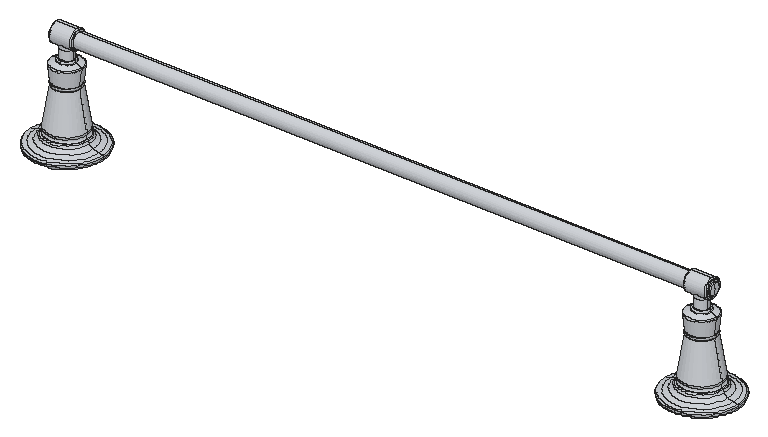
Revit family "Accessory-Towel_Bar-KOHLER-Archer-K-11051", category Specialty Equipment, host Face, Revit 2015
Parameters (values of type "CP-Polished Chrome")
  Width = 4 1/8"  # constant formula
  URL = "https://www.us.kohler.com/us/"
  Type = 1
  Product Page URL = "http://www.us.kohler.com/us/catalog/productDetails.jsp?productNumber=11051"
  Product Name = "Archer"  # constant formula
  Product Documentation Link = "http://www.us.kohler.com/onlinecatalog/pdf/K-11051_spec.pdf"
  Model = if(Type = 1, "K-11051-CP", if(Type = 2, "K-11051-BN", "NA"))  # "K-11051-CP"
  Material = "Premium Metal Construction"  # constant formula
  MasterFormat 2004 = "10.28.13"  # constant formula
  MasterFormat 1995 = "10820"  # constant formula
  Manufacturer Address = "444 Highland Dr, Kohler, WI 53044"  # constant formula
  Manufacturer = "KOHLER Co."  # constant formula
  Length = 24"  # constant formula
  Height = 2 3/4"  # constant formula
  Finish = Kohler-Metal-CP-Polished_Chrome
  Environmental Product Declaration = ""
  Description = "24inch towel bar "  # constant formula
  Default Elevation = 42"
  Declare Label = ""
  Date Modified = "11/15/2018"  # constant formula
  Date Created = "11/15/2018"  # constant formula
  Copyright = "Copyright KOHLER Co."  # constant formula
  Contact Us = "https://www.us.kohler.com/us/static/contact.jsp"
  Assembly Code = "C1030200"
  ADA Compliant = 1 = 0  # no
Types (3): name | Type | Model | Finish
  (no name) | 1 | "K-11051-CP" | Kohler-Metal-CP-Polished_Chrome
  CP-Polished Chrome | 1 | "K-11051-CP" | Kohler-Metal-CP-Polished_Chrome
  BN-Vibrant Brushed Nickel | 2 | "K-11051-BN" | Kohler-Metal-BN-Vibrant_Brushed_Nickel
Reference planes (in)
  plane 1 "Center (Front/Back)": y = 0
  plane 2: z = 0
  plane 3 "Center (Left/Right)": x = 0
  plane 4: x = -12
  plane 5: x = 12
  plane 6: y = 1.375
  plane 7: y = -1.375
  plane 8: z = 4.125
  plane 9: x = -13.375
  plane 10: x = 13.375
  plane 11: x = -10.625
  plane 12: x = 10.625
Dimensions and locks (in)
  "Length": plane 4 to plane 5
  plane 9 to plane 10 = 26 3/4"
  "Width": level to plane 8
  "Height": plane 6 to plane 7
  aligned and locked: plane 2 to host face
  aligned and locked: level to host face
Automatic sketch dimensions
  host sketch curve to host sketch curve = 96"  (x2)
Nested families (in)
  nested 1: "K-11051" at (0, 0, 0), type "K-11051"
Definition of nested family "K-11051"
  Parameters (values of type "K-11051")
    Material = none
  Reference planes (in)
    plane 1 "Center (Front/Back)": y = 0
    plane 2: z = 0
    plane 3 "Center (Left/Right)": x = 0
    plane 4: x = -13.375
    plane 5: x = 13.375
    plane 6: z = 4.125
    plane 7: x = -10.625
    plane 8: x = 10.625
    plane 9: x = -12
    plane 10: x = 12
    plane 11: y = 1.375
    plane 12: y = -1.375
  Forms (in)
    Revolve 1, solid, material <- "Material", detail levels medium+fine
      sketch origin (0, 0, 0) x (1, 0, 0) y (0, 0, 1)
        loop
          line (-12, 3.56748) -> (-12.28312, 3.56748)
          arc (-12.28312, 3.56748) -> (-12.25445, 3.48086) -> (-12.24475, 3.39015) r 0.42897
          line (-12.24475, 3.39015) -> (-12.24475, 3.02985)
          arc (-12.24475, 3.02985) -> (-12.23899, 3.01593) -> (-12.22506, 3.01016) r 0.01969
          line (-12.22506, 3.01016) -> (-12.28251, 3.01016)
          arc (-12.28251, 3.01016) -> (-12.30477, 2.99401) -> (-12.31305, 2.96779) r 0.0439
          arc (-12.31305, 2.96779) -> (-12.31788, 2.95091) -> (-12.33119, 2.93945) r 0.03061
          arc (-12.33119, 2.93945) -> (-12.44293, 2.89083) -> (-12.55553, 2.84426) r 6.69256
          arc (-12.55553, 2.84426) -> (-12.5703, 2.83143) -> (-12.57404, 2.81223) r 0.03002
          line (-12.57404, 2.81223) -> (-12.49503, 2.25034)
          arc (-12.49503, 2.25034) -> (-12.49733, 2.23286) -> (-12.5083, 2.21906) r 0.03298
          arc (-12.5083, 2.21906) -> (-12.52394, 2.18854) -> (-12.50855, 2.15789) r 0.03792
          arc (-12.50855, 2.15789) -> (-12.49851, 2.14489) -> (-12.49683, 2.12855) r 0.02999
          line (-12.49683, 2.12855) -> (-12.74553, 0.71744)
          arc (-12.74553, 0.71744) -> (-12.74589, 0.68266) -> (-12.73501, 0.64963) r 0.10638
          arc (-12.73501, 0.64963) -> (-12.72237, 0.58134) -> (-12.75042, 0.51782) r 0.11772
          arc (-12.75042, 0.51782) -> (-12.76439, 0.50722) -> (-12.78143, 0.50314) r 0.04269
          arc (-12.78143, 0.50314) -> (-12.80034, 0.49626) -> (-12.8114, 0.47946) r 0.03197
          arc (-12.8114, 0.47946) -> (-12.82574, 0.43818) -> (-12.84591, 0.39942) r 0.30098
          arc (-12.84591, 0.39942) -> (-12.9092, 0.32388) -> (-12.99144, 0.26957) r 0.34118
          arc (-12.99144, 0.26957) -> (-13.08925, 0.22947) -> (-13.19055, 0.19925) r 1.0665
          arc (-13.19055, 0.19925) -> (-13.26734, 0.17958) -> (-13.34371, 0.15831) r 3.79814
          arc (-13.34371, 0.15831) -> (-13.36557, 0.1437) -> (-13.375, 0.11916) r 0.04347
          line (-13.375, 0.11916) -> (-13.35185, 0.0189)
          arc (-13.35185, 0.0189) -> (-13.34327, 0.0053) -> (-13.32809, 0) r 0.02438
          line (-13.32809, 0) -> (-12, 0) -> (-12, 3.56748)
        axis (-12, 3.56748) -> (-12, 0)
      angle from 0 to 360
    Revolve 2, solid, material <- "Material", detail levels medium+fine
      sketch origin (0, 0, 0) x (1, 0, 0) y (0, 0, 1)
        loop
          line (-12.48856, 3.77226) -> (-11.55155, 3.77226) -> (-11.55155, 4.05162)
          arc (-11.55155, 4.05162) -> (-11.55221, 4.0669) -> (-11.55958, 4.0803) r 0.03354
          line (-11.55958, 4.0803) -> (-11.58724, 4.11102)
          arc (-11.58724, 4.11102) -> (-11.59865, 4.12129) -> (-11.61355, 4.125) r 0.03175
          line (-11.61355, 4.125) -> (-12.37645, 4.125)
          arc (-12.37645, 4.125) -> (-12.39191, 4.12088) -> (-12.40327, 4.1096) r 0.03104
          line (-12.40327, 4.1096) -> (-12.42685, 4.08387)
          arc (-12.42685, 4.08387) -> (-12.43493, 4.07088) -> (-12.43775, 4.05584) r 0.04148
          line (-12.43775, 4.05584) -> (-12.43775, 4.02489)
          arc (-12.43775, 4.02489) -> (-12.44339, 4.00816) -> (-12.458, 3.99826) r 0.02763
          arc (-12.458, 3.99826) -> (-12.47178, 3.98939) -> (-12.47811, 3.97427) r 0.0276
          arc (-12.47811, 3.97427) -> (-12.48551, 3.87338) -> (-12.48856, 3.77226) r 2.34833
        axis (-11.55155, 3.77226) -> (-12.48856, 3.77226)
      angle from 0 to 360
    Extrusion 3, solid, material <- "Material", detail levels medium+fine
      sketch origin (0, 0, 0) x (0, 1, 0) y (0, 0, 1)
        loop
          circle (0, 3.77226) r 0.27936
      from -11.55155 to 12
    Revolve 4, solid, material <- "Material", detail levels medium+fine
      sketch origin (0, 0, 0) x (-1, 0, 0) y (0, 0, -1)
        loop
          line (-12, -3.56748) -> (-12, 0) -> (-13.32809, 0)
          arc (-13.32809, 0) -> (-13.34327, -0.0053) -> (-13.35185, -0.0189) r 0.02438
          line (-13.35185, -0.0189) -> (-13.375, -0.11916)
          arc (-13.375, -0.11916) -> (-13.36557, -0.1437) -> (-13.34371, -0.15831) r 0.04347
          arc (-13.34371, -0.15831) -> (-13.26734, -0.17958) -> (-13.19055, -0.19925) r 3.79814
          arc (-13.19055, -0.19925) -> (-13.08925, -0.22947) -> (-12.99144, -0.26957) r 1.0665
          arc (-12.99144, -0.26957) -> (-12.9092, -0.32388) -> (-12.84591, -0.39942) r 0.34118
          arc (-12.84591, -0.39942) -> (-12.82574, -0.43818) -> (-12.8114, -0.47946) r 0.30098
          arc (-12.8114, -0.47946) -> (-12.80034, -0.49626) -> (-12.78143, -0.50314) r 0.03197
          arc (-12.78143, -0.50314) -> (-12.76439, -0.50722) -> (-12.75042, -0.51782) r 0.04269
          arc (-12.75042, -0.51782) -> (-12.72237, -0.58134) -> (-12.73501, -0.64963) r 0.11772
          arc (-12.73501, -0.64963) -> (-12.74589, -0.68266) -> (-12.74553, -0.71744) r 0.10638
          line (-12.74553, -0.71744) -> (-12.49683, -2.12855)
          arc (-12.49683, -2.12855) -> (-12.49851, -2.14489) -> (-12.50855, -2.15789) r 0.02999
          arc (-12.50855, -2.15789) -> (-12.52394, -2.18854) -> (-12.5083, -2.21906) r 0.03792
          arc (-12.5083, -2.21906) -> (-12.49733, -2.23286) -> (-12.49503, -2.25034) r 0.03298
          line (-12.49503, -2.25034) -> (-12.57404, -2.81223)
          arc (-12.57404, -2.81223) -> (-12.5703, -2.83143) -> (-12.55553, -2.84426) r 0.03002
          arc (-12.55553, -2.84426) -> (-12.44293, -2.89083) -> (-12.33119, -2.93945) r 6.69256
          arc (-12.33119, -2.93945) -> (-12.31788, -2.95091) -> (-12.31305, -2.96779) r 0.03061
          arc (-12.31305, -2.96779) -> (-12.30477, -2.99401) -> (-12.28251, -3.01016) r 0.0439
          line (-12.28251, -3.01016) -> (-12.22506, -3.01016)
          arc (-12.22506, -3.01016) -> (-12.23899, -3.01593) -> (-12.24475, -3.02985) r 0.01969
          line (-12.24475, -3.02985) -> (-12.24475, -3.39015)
          arc (-12.24475, -3.39015) -> (-12.25445, -3.48086) -> (-12.28312, -3.56748) r 0.42897
          line (-12.28312, -3.56748) -> (-12, -3.56748)
        axis (-12, -3.56748) -> (-12, 0)
      angle from 0 to 360
    Revolve 5, solid, material <- "Material", detail levels medium+fine
      sketch origin (0, 0, 0) x (-1, 0, 0) y (0, 0, 1)
        loop
          line (-12.48856, 3.77226) -> (-11.55155, 3.77226) -> (-11.55155, 4.05162)
          arc (-11.55155, 4.05162) -> (-11.55221, 4.0669) -> (-11.55958, 4.0803) r 0.03354
          line (-11.55958, 4.0803) -> (-11.58724, 4.11102)
          arc (-11.58724, 4.11102) -> (-11.59865, 4.12129) -> (-11.61355, 4.125) r 0.03175
          line (-11.61355, 4.125) -> (-12.37645, 4.125)
          arc (-12.37645, 4.125) -> (-12.39191, 4.12088) -> (-12.40327, 4.1096) r 0.03104
          line (-12.40327, 4.1096) -> (-12.42685, 4.08387)
          arc (-12.42685, 4.08387) -> (-12.43493, 4.07088) -> (-12.43775, 4.05584) r 0.04148
          line (-12.43775, 4.05584) -> (-12.43775, 4.02489)
          arc (-12.43775, 4.02489) -> (-12.44339, 4.00816) -> (-12.458, 3.99826) r 0.02763
          arc (-12.458, 3.99826) -> (-12.47178, 3.98939) -> (-12.47811, 3.97427) r 0.0276
          arc (-12.47811, 3.97427) -> (-12.48551, 3.87338) -> (-12.48856, 3.77226) r 2.34833
        axis (-11.55155, 3.77226) -> (-12.48856, 3.77226)
      angle from 0 to 360
    Revolve 6, solid, material <- "Material", detail levels coarse
      sketch origin (0, 0, 0) x (1, 0, 0) y (0, 0, 1)
        loop
          line (-12, 4.125) -> (-12.5083, 4.125) -> (-12.5083, 0.50314) -> (-13.375, 0.50314) -> (-13.375, 0) -> (-12, 0) -> (-12, 4.125)
        axis (-12, 4.125) -> (-12, 0)
      angle from 0 to 360
    Revolve 7, solid, material <- "Material", detail levels coarse
      sketch origin (0, 0, 0) x (-1, 0, 0) y (0, 0, 1)
        loop
          line (-12, 4.125) -> (-12.5083, 4.125) -> (-12.5083, 0.50314) -> (-13.375, 0.50314) -> (-13.375, 0) -> (-12, 0) -> (-12, 4.125)
        axis (-12, 4.125) -> (-12, 0)
      angle from 0 to 360
    Extrusion 8, solid, material <- "Material", detail levels coarse
      sketch origin (0, 0, -0.00586) x (0, 1, 0) y (0, 0, 1)
        loop
          circle (0, 3.7191) r 0.34246
      from -11.73186 to 11.70837
  Cuts and joins
    joined: Revolve 1, Revolve 2, Extrusion 3, Revolve 4, Revolve 5
  Lines and regions (in)
    Masking region 1
      outline origin (0, 0, 0) x (1, 0, 0) y (0, 0, 1)
        loop
          line (-13.32809, 0) -> (-12, 0) -> (-10.67191, 0)
          arc (-10.67191, 0) -> (-10.65673, 0.0053) -> (-10.64815, 0.0189) r 0.02438
          line (-10.64815, 0.0189) -> (-10.625, 0.11916)
          arc (-10.625, 0.11916) -> (-10.63443, 0.1437) -> (-10.65629, 0.15831) r 0.04347
          arc (-10.65629, 0.15831) -> (-10.73266, 0.17958) -> (-10.80945, 0.19925) r 3.79814
          arc (-10.80945, 0.19925) -> (-10.91075, 0.22947) -> (-11.00856, 0.26957) r 1.0665
          arc (-11.00856, 0.26957) -> (-11.0908, 0.32388) -> (-11.15409, 0.39942) r 0.34118
          arc (-11.15409, 0.39942) -> (-11.17426, 0.43818) -> (-11.1886, 0.47946) r 0.30098
          arc (-11.1886, 0.47946) -> (-11.19966, 0.49626) -> (-11.21857, 0.50314) r 0.03197
          arc (-11.21857, 0.50314) -> (-11.23561, 0.50722) -> (-11.24958, 0.51782) r 0.04269
          arc (-11.24958, 0.51782) -> (-11.27763, 0.58134) -> (-11.26499, 0.64963) r 0.11772
          arc (-11.26499, 0.64963) -> (-11.25411, 0.68266) -> (-11.25447, 0.71744) r 0.10638
          line (-11.25447, 0.71744) -> (-11.50317, 2.12855)
          arc (-11.50317, 2.12855) -> (-11.50149, 2.14489) -> (-11.49145, 2.15789) r 0.02999
          arc (-11.49145, 2.15789) -> (-11.47606, 2.18854) -> (-11.4917, 2.21906) r 0.03792
          arc (-11.4917, 2.21906) -> (-11.50267, 2.23286) -> (-11.50497, 2.25034) r 0.03298
          line (-11.50497, 2.25034) -> (-11.42596, 2.81223)
          arc (-11.42596, 2.81223) -> (-11.4297, 2.83143) -> (-11.44447, 2.84426) r 0.03002
          arc (-11.44447, 2.84426) -> (-11.55707, 2.89083) -> (-11.66881, 2.93945) r 6.69256
          arc (-11.66881, 2.93945) -> (-11.68212, 2.95091) -> (-11.68695, 2.96779) r 0.03061
          arc (-11.68695, 2.96779) -> (-11.69523, 2.99401) -> (-11.71749, 3.01016) r 0.0439
          line (-11.71749, 3.01016) -> (-11.77494, 3.01016)
          arc (-11.77494, 3.01016) -> (-11.76101, 3.01593) -> (-11.75525, 3.02985) r 0.01969
          line (-11.75525, 3.02985) -> (-11.75525, 3.39967)
          arc (-11.75525, 3.39967) -> (-11.74943, 3.4137) -> (-11.7354, 3.41952) r 0.01985
          line (-11.7354, 3.41952) -> (-11.61355, 3.41952)
          arc (-11.61355, 3.41952) -> (-11.59865, 3.42323) -> (-11.58724, 3.4335) r 0.03175
          line (-11.58724, 3.4335) -> (-11.55958, 3.46422)
          arc (-11.55958, 3.46422) -> (-11.55221, 3.47762) -> (-11.55155, 3.4929) r 0.03354
          line (-11.55155, 3.4929) -> (11.55155, 3.4929)
          arc (11.55155, 3.4929) -> (11.55221, 3.47762) -> (11.55958, 3.46422) r 0.03354
          line (11.55958, 3.46422) -> (11.58724, 3.4335)
          arc (11.58724, 3.4335) -> (11.59865, 3.42323) -> (11.61355, 3.41952) r 0.03175
          line (11.61355, 3.41952) -> (11.7354, 3.41952)
          arc (11.7354, 3.41952) -> (11.74943, 3.4137) -> (11.75525, 3.39967) r 0.01985
          line (11.75525, 3.39967) -> (11.75525, 3.02985)
          arc (11.75525, 3.02985) -> (11.76101, 3.01593) -> (11.77494, 3.01016) r 0.01969
          line (11.77494, 3.01016) -> (11.71749, 3.01016)
          arc (11.71749, 3.01016) -> (11.69523, 2.99401) -> (11.68695, 2.96779) r 0.0439
          arc (11.68695, 2.96779) -> (11.68212, 2.95091) -> (11.66881, 2.93945) r 0.03061
          arc (11.66881, 2.93945) -> (11.55707, 2.89083) -> (11.44447, 2.84426) r 6.69256
          arc (11.44447, 2.84426) -> (11.4297, 2.83143) -> (11.42596, 2.81223) r 0.03002
          line (11.42596, 2.81223) -> (11.50497, 2.25034)
          arc (11.50497, 2.25034) -> (11.50267, 2.23286) -> (11.4917, 2.21906) r 0.03298
          arc (11.4917, 2.21906) -> (11.47606, 2.18854) -> (11.49145, 2.15789) r 0.03792
          arc (11.49145, 2.15789) -> (11.50149, 2.14489) -> (11.50317, 2.12855) r 0.02999
          line (11.50317, 2.12855) -> (11.25447, 0.71744)
          arc (11.25447, 0.71744) -> (11.25411, 0.68266) -> (11.26499, 0.64963) r 0.10638
          arc (11.26499, 0.64963) -> (11.27763, 0.58134) -> (11.24958, 0.51782) r 0.11772
          arc (11.24958, 0.51782) -> (11.23561, 0.50722) -> (11.21857, 0.50314) r 0.04269
          arc (11.21857, 0.50314) -> (11.19966, 0.49626) -> (11.1886, 0.47946) r 0.03197
          arc (11.1886, 0.47946) -> (11.17426, 0.43818) -> (11.15409, 0.39942) r 0.30098
          arc (11.15409, 0.39942) -> (11.0908, 0.32388) -> (11.00856, 0.26957) r 0.34118
          arc (11.00856, 0.26957) -> (10.91075, 0.22947) -> (10.80945, 0.19925) r 1.0665
          arc (10.80945, 0.19925) -> (10.73266, 0.17958) -> (10.65629, 0.15831) r 3.79814
          arc (10.65629, 0.15831) -> (10.63443, 0.1437) -> (10.625, 0.11916) r 0.04347
          line (10.625, 0.11916) -> (10.64815, 0.0189)
          arc (10.64815, 0.0189) -> (10.65673, 0.0053) -> (10.67191, 0) r 0.02438
          line (10.67191, 0) -> (12, 0) -> (13.32809, 0)
          arc (13.32809, 0) -> (13.34327, 0.0053) -> (13.35185, 0.0189) r 0.02438
          line (13.35185, 0.0189) -> (13.375, 0.11916)
          arc (13.375, 0.11916) -> (13.36557, 0.1437) -> (13.34371, 0.15831) r 0.04347
          arc (13.34371, 0.15831) -> (13.26734, 0.17958) -> (13.19055, 0.19925) r 3.79814
          arc (13.19055, 0.19925) -> (13.08925, 0.22947) -> (12.99144, 0.26957) r 1.0665
          arc (12.99144, 0.26957) -> (12.9092, 0.32388) -> (12.84591, 0.39942) r 0.34118
          arc (12.84591, 0.39942) -> (12.82574, 0.43818) -> (12.8114, 0.47946) r 0.30098
          arc (12.8114, 0.47946) -> (12.80034, 0.49626) -> (12.78143, 0.50314) r 0.03197
          arc (12.78143, 0.50314) -> (12.76439, 0.50722) -> (12.75042, 0.51782) r 0.04269
          arc (12.75042, 0.51782) -> (12.72237, 0.58134) -> (12.73501, 0.64963) r 0.11772
          arc (12.73501, 0.64963) -> (12.74589, 0.68266) -> (12.74553, 0.71744) r 0.10638
          line (12.74553, 0.71744) -> (12.49683, 2.12855)
          arc (12.49683, 2.12855) -> (12.49851, 2.14489) -> (12.50855, 2.15789) r 0.02999
          arc (12.50855, 2.15789) -> (12.52394, 2.18854) -> (12.5083, 2.21906) r 0.03792
          arc (12.5083, 2.21906) -> (12.49733, 2.23286) -> (12.49503, 2.25034) r 0.03298
          line (12.49503, 2.25034) -> (12.57404, 2.81223)
          arc (12.57404, 2.81223) -> (12.5703, 2.83143) -> (12.55553, 2.84426) r 0.03002
          arc (12.55553, 2.84426) -> (12.44293, 2.89083) -> (12.33119, 2.93945) r 6.69256
          arc (12.33119, 2.93945) -> (12.31788, 2.95091) -> (12.31305, 2.96779) r 0.03061
          arc (12.31305, 2.96779) -> (12.30477, 2.99401) -> (12.28251, 3.01016) r 0.0439
          line (12.28251, 3.01016) -> (12.22506, 3.01016)
          arc (12.22506, 3.01016) -> (12.23899, 3.01593) -> (12.24475, 3.02985) r 0.01969
          line (12.24475, 3.02985) -> (12.24475, 3.39944)
          arc (12.24475, 3.39944) -> (12.25063, 3.41364) -> (12.26483, 3.41952) r 0.02008
          line (12.26483, 3.41952) -> (12.37645, 3.41952)
          arc (12.37645, 3.41952) -> (12.39191, 3.42364) -> (12.40327, 3.43492) r 0.03104
          line (12.40327, 3.43492) -> (12.42685, 3.46065)
          arc (12.42685, 3.46065) -> (12.43493, 3.47364) -> (12.43775, 3.48868) r 0.04148
          line (12.43775, 3.48868) -> (12.43775, 3.51963)
          arc (12.43775, 3.51963) -> (12.44339, 3.53636) -> (12.458, 3.54626) r 0.02763
          arc (12.458, 3.54626) -> (12.47178, 3.55513) -> (12.47811, 3.57025) r 0.0276
          arc (12.47811, 3.57025) -> (12.48551, 3.67114) -> (12.48856, 3.77226) r 2.34833
          arc (12.48856, 3.77226) -> (12.48551, 3.87338) -> (12.47811, 3.97427) r 2.34833
          arc (12.47811, 3.97427) -> (12.47178, 3.98939) -> (12.458, 3.99826) r 0.0276
          arc (12.458, 3.99826) -> (12.44339, 4.00816) -> (12.43775, 4.02489) r 0.02763
          line (12.43775, 4.02489) -> (12.43775, 4.05584)
          arc (12.43775, 4.05584) -> (12.43493, 4.07088) -> (12.42685, 4.08387) r 0.04148
          line (12.42685, 4.08387) -> (12.40327, 4.1096)
          arc (12.40327, 4.1096) -> (12.39191, 4.12088) -> (12.37645, 4.125) r 0.03104
          line (12.37645, 4.125) -> (11.61355, 4.125)
          arc (11.61355, 4.125) -> (11.59865, 4.12129) -> (11.58724, 4.11102) r 0.03175
          line (11.58724, 4.11102) -> (11.55958, 4.0803)
          arc (11.55958, 4.0803) -> (11.55221, 4.0669) -> (11.55155, 4.05162) r 0.03354
          line (11.55155, 4.05162) -> (-11.55155, 4.05162)
          arc (-11.55155, 4.05162) -> (-11.55221, 4.0669) -> (-11.55958, 4.0803) r 0.03354
          line (-11.55958, 4.0803) -> (-11.58724, 4.11102)
          arc (-11.58724, 4.11102) -> (-11.59865, 4.12129) -> (-11.61355, 4.125) r 0.03175
          line (-11.61355, 4.125) -> (-12.37645, 4.125)
          arc (-12.37645, 4.125) -> (-12.39191, 4.12088) -> (-12.40327, 4.1096) r 0.03104
          line (-12.40327, 4.1096) -> (-12.42685, 4.08387)
          arc (-12.42685, 4.08387) -> (-12.43493, 4.07088) -> (-12.43775, 4.05584) r 0.04148
          line (-12.43775, 4.05584) -> (-12.43775, 4.02489)
          arc (-12.43775, 4.02489) -> (-12.44339, 4.00816) -> (-12.458, 3.99826) r 0.02763
          arc (-12.458, 3.99826) -> (-12.47178, 3.98939) -> (-12.47811, 3.97427) r 0.0276
          arc (-12.47811, 3.97427) -> (-12.48551, 3.87338) -> (-12.48856, 3.77226) r 2.34833
          arc (-12.48856, 3.77226) -> (-12.48551, 3.67114) -> (-12.47811, 3.57025) r 2.34833
          arc (-12.47811, 3.57025) -> (-12.47178, 3.55513) -> (-12.458, 3.54626) r 0.0276
          arc (-12.458, 3.54626) -> (-12.44339, 3.53636) -> (-12.43775, 3.51963) r 0.02763
          line (-12.43775, 3.51963) -> (-12.43775, 3.48868)
          arc (-12.43775, 3.48868) -> (-12.43493, 3.47364) -> (-12.42685, 3.46065) r 0.04148
          line (-12.42685, 3.46065) -> (-12.40327, 3.43492)
          arc (-12.40327, 3.43492) -> (-12.39191, 3.42364) -> (-12.37645, 3.41952) r 0.03104
          line (-12.37645, 3.41952) -> (-12.26483, 3.41952)
          arc (-12.26483, 3.41952) -> (-12.25063, 3.41364) -> (-12.24475, 3.39944) r 0.02008
          line (-12.24475, 3.39944) -> (-12.24475, 3.02985)
          arc (-12.24475, 3.02985) -> (-12.23899, 3.01593) -> (-12.22506, 3.01016) r 0.01969
          line (-12.22506, 3.01016) -> (-12.28251, 3.01016)
          arc (-12.28251, 3.01016) -> (-12.30477, 2.99401) -> (-12.31305, 2.96779) r 0.0439
          arc (-12.31305, 2.96779) -> (-12.31788, 2.95091) -> (-12.33119, 2.93945) r 0.03061
          arc (-12.33119, 2.93945) -> (-12.44293, 2.89083) -> (-12.55553, 2.84426) r 6.69256
          arc (-12.55553, 2.84426) -> (-12.5703, 2.83143) -> (-12.57404, 2.81223) r 0.03002
          line (-12.57404, 2.81223) -> (-12.49503, 2.25034)
          arc (-12.49503, 2.25034) -> (-12.49733, 2.23286) -> (-12.5083, 2.21906) r 0.03298
          arc (-12.5083, 2.21906) -> (-12.52394, 2.18854) -> (-12.50855, 2.15789) r 0.03792
          arc (-12.50855, 2.15789) -> (-12.49851, 2.14489) -> (-12.49683, 2.12855) r 0.02999
          line (-12.49683, 2.12855) -> (-12.74553, 0.71744)
          arc (-12.74553, 0.71744) -> (-12.74589, 0.68266) -> (-12.73501, 0.64963) r 0.10638
          arc (-12.73501, 0.64963) -> (-12.72237, 0.58134) -> (-12.75042, 0.51782) r 0.11772
          arc (-12.75042, 0.51782) -> (-12.76439, 0.50722) -> (-12.78143, 0.50314) r 0.04269
          arc (-12.78143, 0.50314) -> (-12.80034, 0.49626) -> (-12.8114, 0.47946) r 0.03197
          arc (-12.8114, 0.47946) -> (-12.82574, 0.43818) -> (-12.84591, 0.39942) r 0.30098
          arc (-12.84591, 0.39942) -> (-12.9092, 0.32388) -> (-12.99144, 0.26957) r 0.34118
          arc (-12.99144, 0.26957) -> (-13.08925, 0.22947) -> (-13.19055, 0.19925) r 1.0665
          arc (-13.19055, 0.19925) -> (-13.26734, 0.17958) -> (-13.34371, 0.15831) r 3.79814
          arc (-13.34371, 0.15831) -> (-13.36557, 0.1437) -> (-13.375, 0.11916) r 0.04347
          line (-13.375, 0.11916) -> (-13.35185, 0.0189)
          arc (-13.35185, 0.0189) -> (-13.34327, 0.0053) -> (-13.32809, 0) r 0.02438
    Masking region 2
      outline origin (0, 0, 0) x (0, 1, 0) y (0, 0, 1)
        loop
          line (-1.32809, 0) -> (0, 0) -> (1.32809, 0)
          arc (1.32809, 0) -> (1.34327, 0.0053) -> (1.35185, 0.0189) r 0.02438
          line (1.35185, 0.0189) -> (1.375, 0.11916)
          arc (1.375, 0.11916) -> (1.36557, 0.1437) -> (1.34371, 0.15831) r 0.04347
          arc (1.34371, 0.15831) -> (1.26734, 0.17958) -> (1.19055, 0.19925) r 3.79814
          arc (1.19055, 0.19925) -> (1.08925, 0.22947) -> (0.99144, 0.26957) r 1.0665
          arc (0.99144, 0.26957) -> (0.9092, 0.32388) -> (0.84591, 0.39942) r 0.34118
          arc (0.84591, 0.39942) -> (0.82574, 0.43818) -> (0.8114, 0.47946) r 0.30098
          arc (0.8114, 0.47946) -> (0.80034, 0.49626) -> (0.78143, 0.50314) r 0.03197
          arc (0.78143, 0.50314) -> (0.76439, 0.50722) -> (0.75042, 0.51782) r 0.04269
          arc (0.75042, 0.51782) -> (0.72237, 0.58134) -> (0.73501, 0.64963) r 0.11772
          arc (0.73501, 0.64963) -> (0.74589, 0.68266) -> (0.74553, 0.71744) r 0.10638
          line (0.74553, 0.71744) -> (0.49683, 2.12855)
          arc (0.49683, 2.12855) -> (0.49851, 2.14489) -> (0.50855, 2.15789) r 0.02999
          arc (0.50855, 2.15789) -> (0.52394, 2.18854) -> (0.5083, 2.21906) r 0.03792
          arc (0.5083, 2.21906) -> (0.49733, 2.23286) -> (0.49503, 2.25034) r 0.03298
          line (0.49503, 2.25034) -> (0.57404, 2.81223)
          arc (0.57404, 2.81223) -> (0.5703, 2.83143) -> (0.55553, 2.84426) r 0.03002
          arc (0.55553, 2.84426) -> (0.44293, 2.89083) -> (0.33119, 2.93945) r 6.69256
          arc (0.33119, 2.93945) -> (0.31788, 2.95091) -> (0.31305, 2.96779) r 0.03061
          arc (0.31305, 2.96779) -> (0.30477, 2.99401) -> (0.28251, 3.01016) r 0.0439
          line (0.28251, 3.01016) -> (0.22506, 3.01016)
          arc (0.22506, 3.01016) -> (0.23899, 3.01593) -> (0.24475, 3.02985) r 0.01969
          line (0.24475, 3.02985) -> (0.24475, 3.39015)
          arc (0.24475, 3.39015) -> (0.25445, 3.48086) -> (0.28312, 3.56748) r 0.42897
          arc (0.28312, 3.56748) -> (0.31535, 3.93449) -> (0, 4.125) r 0.3482
          arc (0, 4.125) -> (-0.3147, 3.93417) -> (-0.28312, 3.56748) r 0.34877
          arc (-0.28312, 3.56748) -> (-0.25445, 3.48086) -> (-0.24475, 3.39015) r 0.42897
          line (-0.24475, 3.39015) -> (-0.24475, 3.02985)
          arc (-0.24475, 3.02985) -> (-0.23899, 3.01593) -> (-0.22506, 3.01016) r 0.01969
          line (-0.22506, 3.01016) -> (-0.28251, 3.01016)
          arc (-0.28251, 3.01016) -> (-0.30477, 2.99401) -> (-0.31305, 2.96779) r 0.0439
          arc (-0.31305, 2.96779) -> (-0.31788, 2.95091) -> (-0.33119, 2.93945) r 0.03061
          arc (-0.33119, 2.93945) -> (-0.44293, 2.89083) -> (-0.55553, 2.84426) r 6.69256
          arc (-0.55553, 2.84426) -> (-0.5703, 2.83143) -> (-0.57404, 2.81223) r 0.03002
          line (-0.57404, 2.81223) -> (-0.49503, 2.25034)
          arc (-0.49503, 2.25034) -> (-0.49733, 2.23286) -> (-0.5083, 2.21906) r 0.03298
          arc (-0.5083, 2.21906) -> (-0.52394, 2.18854) -> (-0.50855, 2.15789) r 0.03792
          arc (-0.50855, 2.15789) -> (-0.49851, 2.14489) -> (-0.49683, 2.12855) r 0.02999
          line (-0.49683, 2.12855) -> (-0.74553, 0.71744)
          arc (-0.74553, 0.71744) -> (-0.74589, 0.68266) -> (-0.73501, 0.64963) r 0.10638
          arc (-0.73501, 0.64963) -> (-0.72237, 0.58134) -> (-0.75042, 0.51782) r 0.11772
          arc (-0.75042, 0.51782) -> (-0.76439, 0.50722) -> (-0.78143, 0.50314) r 0.04269
          arc (-0.78143, 0.50314) -> (-0.80034, 0.49626) -> (-0.8114, 0.47946) r 0.03197
          arc (-0.8114, 0.47946) -> (-0.82574, 0.43818) -> (-0.84591, 0.39942) r 0.30098
          arc (-0.84591, 0.39942) -> (-0.9092, 0.32388) -> (-0.99144, 0.26957) r 0.34118
          arc (-0.99144, 0.26957) -> (-1.08925, 0.22947) -> (-1.19055, 0.19925) r 1.0665
          arc (-1.19055, 0.19925) -> (-1.26734, 0.17958) -> (-1.34371, 0.15831) r 3.79814
          arc (-1.34371, 0.15831) -> (-1.36557, 0.1437) -> (-1.375, 0.11916) r 0.04347
          line (-1.375, 0.11916) -> (-1.35185, 0.0189)
          arc (-1.35185, 0.0189) -> (-1.34327, 0.0053) -> (-1.32809, 0) r 0.02438
    Masking region 3
      outline origin (0, 0, 0) x (1, 0, 0) y (0, 1, 0)
        loop
          arc (-10.625, 0.27936) -> (-11.12093, 1.0676) -> (-12, 1.375) r 1.41062
          arc (-12, 1.375) -> (-12.97227, 0.97227) -> (-13.375, 0) r 1.375
          arc (-13.375, 0) -> (-12.97227, -0.97227) -> (-12, -1.375) r 1.375
          arc (-12, -1.375) -> (-11.12093, -1.0676) -> (-10.625, -0.27936) r 1.41062
          line (-10.625, -0.27936) -> (10.625, -0.27936)
          arc (10.625, -0.27936) -> (11.12093, -1.0676) -> (12, -1.375) r 1.41062
          arc (12, -1.375) -> (12.97227, -0.97227) -> (13.375, 0) r 1.375
          arc (13.375, 0) -> (12.97227, 0.97227) -> (12, 1.375) r 1.375
          arc (12, 1.375) -> (11.12093, 1.0676) -> (10.625, 0.27936) r 1.41062
          line (10.625, 0.27936) -> (-10.625, 0.27936)
    symbolic lines, detail levels medium+fine
      curve 1: line (-13.375, 0, 0.11916) -> (-10.625, 0, 0.11916)
      curve 2: line (-12.78143, 0, 0.50314) -> (-11.21857, 0, 0.50314)
      curve 3: line (-12.73501, 0, 0.64963) -> (-11.26499, 0, 0.64963)
      curve 4: line (-12.5083, 0, 2.21906) -> (-11.4917, 0, 2.21906)
      curve 5: line (-12.50855, 0, 2.15789) -> (-11.49145, 0, 2.15789)
      curve 6: line (-12.22506, 0, 3.01016) -> (-11.77494, 0, 3.01016)
      curve 7: line (-12.40327, 0, 4.1096) -> (-12.40327, 0, 3.43492)
      curve 8: line (-12.43775, 0, 3.51963) -> (-12.43775, 0, 4.02489)
      curve 9: line (-11.58724, 0, 4.11102) -> (-11.58724, 0, 3.4335)
      curve 10: line (-11.55155, 0, 3.4929) -> (-11.55155, 0, 4.05162)
      curve 11: line (-12.24576, 0, 3.41952) -> (-11.75424, 0, 3.41952)
      curve 12: line (13.375, 0, 0.11916) -> (10.625, 0, 0.11916)
      curve 13: line (12.78143, 0, 0.50314) -> (11.21857, 0, 0.50314)
      curve 14: line (12.73501, 0, 0.64963) -> (11.26499, 0, 0.64963)
      curve 15: line (12.5083, 0, 2.21906) -> (11.4917, 0, 2.21906)
      curve 16: line (12.50855, 0, 2.15789) -> (11.49145, 0, 2.15789)
      curve 17: line (12.22506, 0, 3.01016) -> (11.77494, 0, 3.01016)
      curve 18: line (12.40327, 0, 4.1096) -> (12.40327, 0, 3.43492)
      curve 19: line (12.43775, 0, 3.51963) -> (12.43775, 0, 4.02489)
      curve 20: line (11.58724, 0, 4.11102) -> (11.58724, 0, 3.4335)
      curve 21: line (11.55155, 0, 3.4929) -> (11.55155, 0, 4.05162)
      curve 22: line (12.24576, 0, 3.41952) -> (11.75424, 0, 3.41952)
      curve 23: line (0, 1.375, 0.11916) -> (0, -1.375, 0.11916)
      curve 24: line (0, 0.73501, 0.64963) -> (0, -0.73501, 0.64963)
      curve 25: line (0, 0.78143, 0.50314) -> (0, -0.78143, 0.50314)
      curve 26: line (0, 0.50855, 2.15789) -> (0, -0.50855, 2.15789)
      curve 27: line (0, 0.5083, 2.21906) -> (0, -0.5083, 2.21906)
      curve 28: line (0, 0.22506, 3.01016) -> (0, -0.22506, 3.01016)
      curve 29: line (0, 0.31305, 2.96779) -> (0, -0.31305, 2.96779)
      curve 30: arc (0, 0.28312, 3.56748) -> (0, 0, 3.41337) -> (0, -0.28312, 3.56748) r 0.33712
      curve 31: arc (0, 0, 3.4335) -> (0, 0.33876, 3.77226) -> (0, 0, 4.11102) r 0.33876
      curve 32: arc (0, 0, 4.11102) -> (0, -0.33876, 3.77226) -> (0, 0, 3.4335) r 0.33876
      curve 33: arc (0, 0, 4.05162) -> (0, -0.27936, 3.77226) -> (0, 0, 3.4929) r 0.27936
      curve 34: arc (0, 0, 3.4929) -> (0, 0.27936, 3.77226) -> (0, 0, 4.05162) r 0.27936
      curve 35: line (-11.55155, 0.27936, 0) -> (-10.625, 0.27936, 0)
      curve 36: line (-10.625, -0.27936, 0) -> (-11.55155, -0.27936, 0)
      curve 37: line (-11.62834, 0.35274, 0) -> (-12.37638, 0.35274, 0)
      curve 38: arc (-12.37638, 0.35274, 0) -> (-12.39187, 0.34862, 0) -> (-12.40327, 0.33734, 0) r 0.03118
      curve 39: line (-12.40327, 0.33734, 0) -> (-12.42768, 0.31077, 0)
      curve 40: arc (-12.42768, 0.31077, 0) -> (-12.43596, 0.2968, 0) -> (-12.43789, 0.28068, 0) r 0.03931
      curve 41: line (-12.43789, 0.28068, 0) -> (-12.43789, 0.24985, 0)
      curve 42: arc (-12.43789, 0.24985, 0) -> (-12.44055, 0.23944, 0) -> (-12.44786, 0.23157, 0) r 0.02174
      curve 43: arc (-12.44786, 0.23157, 0) -> (-12.45452, 0.22775, 0) -> (-12.46154, 0.22463, 0) r 0.07451
      curve 44: arc (-12.46154, 0.22463, 0) -> (-12.4735, 0.2153, 0) -> (-12.4782, 0.20087, 0) r 0.02596
      curve 45: arc (-12.4782, 0.20087, 0) -> (-12.48603, 0.10057, 0) -> (-12.48856, 0, 0) r 1.90827
      curve 46: line (-11.61357, -0.35274, 0) -> (-12.37638, -0.35274, 0)
      curve 47: arc (-12.37638, -0.35274, 0) -> (-12.39187, -0.34862, 0) -> (-12.40327, -0.33734, 0) r 0.03118
      curve 48: line (-12.40327, -0.33734, 0) -> (-12.42768, -0.31077, 0)
      curve 49: arc (-12.42768, -0.31077, 0) -> (-12.43596, -0.2968, 0) -> (-12.43789, -0.28068, 0) r 0.03931
      curve 50: line (-12.43789, -0.28068, 0) -> (-12.43789, -0.24985, 0)
      curve 51: arc (-12.43789, -0.24985, 0) -> (-12.44055, -0.23944, 0) -> (-12.44786, -0.23157, 0) r 0.02174
      curve 52: arc (-12.44786, -0.23157, 0) -> (-12.45452, -0.22775, 0) -> (-12.46154, -0.22463, 0) r 0.07451
      curve 53: arc (-12.46154, -0.22463, 0) -> (-12.4735, -0.2153, 0) -> (-12.4782, -0.20087, 0) r 0.02596
      curve 54: arc (-12.4782, -0.20087, 0) -> (-12.48603, -0.10057, 0) -> (-12.48856, 0, 0) r 1.90827
      curve 55: arc (-11.62834, 0.35274, 0) -> (-11.57523, 0.33145, 0) -> (-11.55155, 0.27936, 0) r 0.07687
      curve 56: arc (-11.62834, -0.35274, 0) -> (-11.57523, -0.33145, 0) -> (-11.55155, -0.27936, 0) r 0.07687
      curve 57: line (-11.55155, 0.27936, 0) -> (-11.55155, -0.27936, 0)
      curve 58: line (-12.37638, 0.35274, 0) -> (-12.37638, -0.35274, 0)
      curve 59: line (-11.62834, 0.35274, 0) -> (-11.62834, -0.35274, 0)
      curve 60: line (-12.42768, 0.31077, 0) -> (-12.42768, -0.31077, 0)
      curve 61: arc (-11.77494, 0, 0) -> (-12, 0.22506, 0) -> (-12.22506, 0, 0) r 0.22506
      curve 62: arc (-12.22506, 0, 0) -> (-12, -0.22506, 0) -> (-11.77494, 0, 0) r 0.22506
      curve 63: arc (-11.71749, 0, 0) -> (-12, 0.28251, 0) -> (-12.28251, 0, 0) r 0.28251
      curve 64: arc (-12.28251, 0, 0) -> (-12, -0.28251, 0) -> (-11.71749, 0, 0) r 0.28251
      curve 65: arc (-11.50038, 0.27936, 0) -> (-12.57242, 0, 0) -> (-11.50038, -0.27936, 0) r 0.57242
      curve 66: arc (-11.30855, 0.27936, 0) -> (-12.74575, 0, 0) -> (-11.30855, -0.27936, 0) r 0.74575
      curve 67: line (11.62834, 0.35274, 0) -> (12.37638, 0.35274, 0)
      curve 68: arc (12.37638, 0.35274, 0) -> (12.39187, 0.34862, 0) -> (12.40327, 0.33734, 0) r 0.03118
      curve 69: line (12.40327, 0.33734, 0) -> (12.42768, 0.31077, 0)
      curve 70: arc (12.42768, 0.31077, 0) -> (12.43596, 0.2968, 0) -> (12.43789, 0.28068, 0) r 0.03931
      curve 71: line (12.43789, 0.28068, 0) -> (12.43789, 0.24985, 0)
      curve 72: arc (12.43789, 0.24985, 0) -> (12.44055, 0.23944, 0) -> (12.44786, 0.23157, 0) r 0.02174
      curve 73: arc (12.44786, 0.23157, 0) -> (12.45452, 0.22775, 0) -> (12.46154, 0.22463, 0) r 0.07451
      curve 74: arc (12.46154, 0.22463, 0) -> (12.4735, 0.2153, 0) -> (12.4782, 0.20087, 0) r 0.02596
      curve 75: arc (12.4782, 0.20087, 0) -> (12.48603, 0.10057, 0) -> (12.48856, 0, 0) r 1.90827
      curve 76: line (11.61357, -0.35274, 0) -> (12.37638, -0.35274, 0)
      curve 77: arc (12.37638, -0.35274, 0) -> (12.39187, -0.34862, 0) -> (12.40327, -0.33734, 0) r 0.03118
      curve 78: line (12.40327, -0.33734, 0) -> (12.42768, -0.31077, 0)
      curve 79: arc (12.42768, -0.31077, 0) -> (12.43596, -0.2968, 0) -> (12.43789, -0.28068, 0) r 0.03931
      curve 80: line (12.43789, -0.28068, 0) -> (12.43789, -0.24985, 0)
      curve 81: arc (12.43789, -0.24985, 0) -> (12.44055, -0.23944, 0) -> (12.44786, -0.23157, 0) r 0.02174
      curve 82: arc (12.44786, -0.23157, 0) -> (12.45452, -0.22775, 0) -> (12.46154, -0.22463, 0) r 0.07451
      curve 83: arc (12.46154, -0.22463, 0) -> (12.4735, -0.2153, 0) -> (12.4782, -0.20087, 0) r 0.02596
      curve 84: arc (12.4782, -0.20087, 0) -> (12.48603, -0.10057, 0) -> (12.48856, 0, 0) r 1.90827
      curve 85: arc (11.62834, 0.35274, 0) -> (11.57523, 0.33145, 0) -> (11.55155, 0.27936, 0) r 0.07687
      curve 86: arc (11.62834, -0.35274, 0) -> (11.57523, -0.33145, 0) -> (11.55155, -0.27936, 0) r 0.07687
      curve 87: line (11.55155, 0.27936, 0) -> (11.55155, -0.27936, 0)
      curve 88: line (12.37638, 0.35274, 0) -> (12.37638, -0.35274, 0)
      curve 89: line (11.62834, 0.35274, 0) -> (11.62834, -0.35274, 0)
      curve 90: line (12.42768, 0.31077, 0) -> (12.42768, -0.31077, 0)
      curve 91: arc (11.77494, 0, 0) -> (12, 0.22506, 0) -> (12.22506, 0, 0) r 0.22506
      curve 92: arc (12.22506, 0, 0) -> (12, -0.22506, 0) -> (11.77494, 0, 0) r 0.22506
      curve 93: arc (11.71749, 0, 0) -> (12, 0.28251, 0) -> (12.28251, 0, 0) r 0.28251
      curve 94: arc (12.28251, 0, 0) -> (12, -0.28251, 0) -> (11.71749, 0, 0) r 0.28251
      curve 95: arc (11.50038, 0.27936, 0) -> (12.57242, 0, 0) -> (11.50038, -0.27936, 0) r 0.57242
      curve 96: arc (11.30855, 0.27936, 0) -> (12.74575, 0, 0) -> (11.30855, -0.27936, 0) r 0.74575
      curve 97: line (11.55155, 0.27936, 0) -> (10.6245, 0.27936, 0)
      curve 98: line (10.625, -0.27936, 0) -> (11.55155, -0.27936, 0)
      curve 99: arc (-11.33147, 0.27936, 0) -> (-12.72455, 0, 0) -> (-11.33147, -0.27936, 0) r 0.72455
      curve 100: arc (-11.46833, 0.27936, 0) -> (-12.6006, 0, 0) -> (-11.46833, -0.27936, 0) r 0.6006
      curve 101: arc (11.33147, 0.27936, 0) -> (12.72455, 0, 0) -> (11.33147, -0.27936, 0) r 0.72455
      curve 102: arc (11.46833, 0.27936, 0) -> (12.6006, 0, 0) -> (11.46833, -0.27936, 0) r 0.6006
  Dimensions and locks (in)
    plane 3 "Center (Left/Right)" to plane 4 = 13 3/8"
    plane 5 to plane 4 = 26 3/4"
    plane 6 to level = 4 1/8"
    plane 7 to plane 4 = 2 3/4"
    plane 8 to plane 5 = 2 3/4"
    plane 9 to plane 4 = 1 3/8"
    plane 9 to plane 7 = 1 3/8"
    aligned and locked: plane 2 to level
